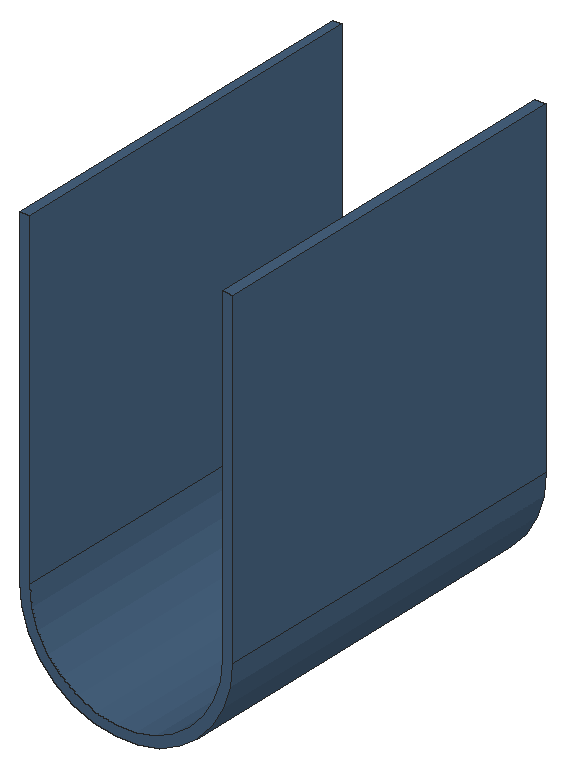
Revit family "Haworth_Openest_Accessories_SoftStorage", category Furniture, Revit 2018
Family settings
  OmniClass Number = 23.40.20.00
  OmniClass Title = General Furniture and Specialties
  Work Plane-Based = No
  Always vertical = Yes
  Cut with Voids When Loaded = No
  Shared = No
  Room Calculation Point = No
Parameters (values of type "Accessory Storage")
  Warranty = "http://www.haworth.com/resources/product-info/warranties"
  Version = "2"  # constant formula
  URL - Product = "https://www.haworth.com/na/en/products/booths/openest-corner-booth.html"
  URL = "http://www.haworth.com/"
  Sustainability Info = "https://www.haworth.com/na/en/expertise/sustainability.html"
  Soft Storage Finish = Haworth _ Fabric _ King _ Dark Blue LH-DB
  Size = "Verify Final Dim. w/ Haworth"  # constant formula
  Model = "HOUS-0000"  # constant formula
  Manufacturer = "Haworth"  # constant formula
  Description = "Haworth_Openest_Accessories_SoftStorage"  # constant formula
  Author = "SHAPE Environments, LLC"  # constant formula
  Assembly Code = "E2020200"
Reference planes (in)
  plane 1 "Center Front/Back": y = 0
  plane 2: z = 0
  plane 3 "Center Left/Right": x = 0
  plane 4 "tablesurface": z = 2
Forms (in)
  Extrusion 1, solid, material "Haworth _ Fabric _ King _ Dark Blue LH-DB" <- "Soft Storage Finish"
    sketch origin (-0.32009, 6.21054, -28.06325) x (1, 0, 0) y (0, 0, 1)
      loop
        line (-4.31942, 28.06325) -> (-4.31942, 13.69317)
        arc (-4.31942, 13.69317) -> (0.32009, 9.05366) -> (4.95961, 13.69317) r 4.63951
        line (4.95961, 13.69317) -> (4.95961, 28.06325) -> (4.4931, 28.06325) -> (4.4931, 13.69317)
        arc (4.4931, 13.69317) -> (0.29721, 9.49729) -> (-3.89867, 13.69317) r 4.19588
        line (-3.89867, 13.69317) -> (-3.89867, 28.06325) -> (-4.31942, 28.06325)
    from -2.28945 to 14.71052
Lines and regions (in)
  symbolic lines, style "FurnitureHiddenLines", detail levels fine
    curve 1: line (-4.63951, 8.49998, 2) -> (-4.63951, -8.49998, 2)
    curve 2: line (4.63951, 8.49998, 2) -> (4.63951, -8.49998, 2)
    curve 3: line (-4.63951, 8.49998, 2) -> (4.63951, 8.49998, 2)
    curve 4: line (-4.63951, -8.49998, 2) -> (4.63951, -8.49998, 2)
Dimensions and locks (in)
  locked: plane 4 "tablesurface" to level at 2
  aligned and locked: level to plane 2
